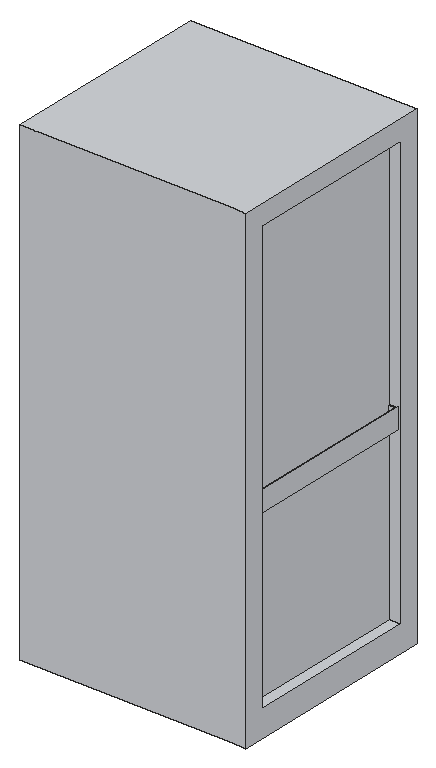
Revit family "f6732bb70f9a4875b4cb21aef3e28988", category Plumbing Fixtures, Revit 2021
Family settings
  Round Connector Dimension = Use Radius
  Part Type = Normal
  OmniClass Number = 23.45.05.14.21.11
  OmniClass Title = Bath/Shower Units
  Seek Item ID = Shower Stall - Rectangular-0000-USA-ENU
  Work Plane-Based = No
  Always vertical = Yes
  Cut with Voids When Loaded = No
  Shared = No
  Room Calculation Point = No
Parameters (values of type "34"x32" - Private")
  WFU = 2
  Shower Width = 2' - 8"
  Shower Stall Material = none
  Shower Length = 2' - 10"
  Shower Height = 6' - 0"
  Sanitary Radius = 3/4"
  Sanitary Diameter = 2 * Sanitary Radius  # 1 1/2"
  Length 1 = 0' 1 1/2" * tan(Angle)  # 0' - 1.41176"
  Hot Water Radius = 1/4"
  Hot Water Diameter = 2 * Hot Water Radius  # 1/2"
  Handle Height = 2' - 9"
  Half Door Width = 1 / 2 * Door Width  # 1' - 1"
  HWFU = 1
  Flow Pressure [instance] = 8.00 psi
  Door Width = 2' - 2"
  Door Material = none
  Door Handle Material = none
  Default Elevation = 0' - 0"
  Cold Water Radius = 1/4"
  Cold Water Diameter = 2 * Cold Water Radius  # 1/2"
  CWFU = 1
  Angle = atan(Shower Width / Shower Length)  # 43.2643°
Types (7): name | Shower Width | Shower Length | Shower Height | Length 1 | Handle Height | Half Door Width | HWFU | Door Width | CWFU | Angle
  (no name) | 2' - 8" | 2' - 10" | 6' - 0" | 0' - 1.41176" | 2' - 9" | 1' - 1" | 1 | 2' - 2" | 1 | 43.2643°
  34"x32" - Private | 2' - 8" | 2' - 10" | 6' - 0" | 0' - 1.41176" | 2' - 9" | 1' - 1" | 1 | 2' - 2" | 1 | 43.2643°
  42"x42" - Private | 3' - 6" | 3' - 6" | 5' - 0" | 0' - 1 1/2" | 2' - 9 11/64" | 1' - 3" | 1 | 2' - 6" | 1 | 45.00°
  36"x36" - Private | 3' - 0" | 3' - 0" | 5' - 0" | 0' - 1 1/2" | 2' - 9" | 0' - 11 1/4" | 1 | 1' - 10 1/2" | 1 | 45.00°
  34"x32" - Public | 2' - 8" | 2' - 10" | 6' - 0" | 0' - 1.41176" | 2' - 9" | 1' - 1" | 3 | 2' - 2" | 3 | 43.2643°
  36"x36" - Public | 3' - 0" | 3' - 0" | 5' - 0" | 0' - 1 1/2" | 2' - 9" | 0' - 11 1/4" | 3 | 1' - 10 1/2" | 3 | 45.00°
  42"x42" - Public | 3' - 6" | 3' - 6" | 5' - 0" | 0' - 1 1/2" | 2' - 9 11/64" | 1' - 3" | 3 | 2' - 6" | 3 | 45.00°
Reference planes (in)
  plane 1 "Center (Front/Back)": y = 0
  plane 2: z = 0
  plane 3 "Center (Left/Right)": x = 0
  plane 4: y = 32
  plane 5: x = 34
  plane 6: z = 72
  plane 7: x = 2
  plane 8: z = 4
  plane 9: y = 2
  plane 10: y = 30
  plane 11: z = 69
  plane 12: y = 16
  plane 13: y = 29
  plane 14: y = 3
  plane 15: x = 32
  plane 16: x = 32.25
  plane 17: z = 33
  plane 18: z = 30
  plane 19: x = 33.5
  plane 20: y = 28.75
  plane 21: x = 33.25
  plane 22: y = 3.25
  plane 23: x = 17
  plane 24: x = 32
  plane 25: x = 15.5
  plane 26: x = 18.5
  plane 27: z = 36
  plane 28: y = 20.5
  plane 29: y = 11.5
  plane 30: y = 17.41176
  plane 31: y = 14.58824
Forms (in)
  Extrusion 1, solid, material <- "Shower Stall Material"
    sketch origin (0, 0, 0) x (1, 0, 0) y (0, 1, 0)
      loop
        line (0, 32) -> (0, 0) -> (34, 0) -> (34, 32) -> (0, 32)
    from 0 to 72
  Extrusion 2, void
    sketch origin (0, 0, 0) x (0, 1, 0) y (0, 0, 1)
      loop
        line (2, 69) -> (2, 4) -> (30, 4) -> (30, 69) -> (2, 69)
    from 2 to 34
  Extrusion 3, solid, material <- "Shower Stall Material"
    sketch origin (0, 0, 0) x (1, 0, 0) y (0, 1, 0)
      loop
        line (32, 32) -> (32, 29) -> (34, 29) -> (34, 32) -> (32, 32)
      loop
        line (32, 3) -> (32, 0) -> (34, 0) -> (34, 3) -> (32, 3)
    from 0 to 72
  Extrusion 4, solid, material <- "Door Material"
    sketch origin (0, 0, 0) x (1, 0, 0) y (0, 1, 0)
      loop
        line (32, 29) -> (32, 3) -> (32.25, 3) -> (32.25, 29) -> (32, 29)
    from 4 to 69
  Extrusion 5, solid, material <- "Door Handle Material"
    sketch origin (0, 0, 0) x (0, 1, 0) y (0, 0, 1)
      loop
        line (3, 33) -> (3, 30) -> (29, 30) -> (29, 33) -> (3, 33)
    from 32.25 to 33.5
  Extrusion 6, void
    sketch origin (0, 0, 0) x (1, 0, 0) y (0, 1, 0)
      loop
        line (32.25, 28.75) -> (32.25, 3.25) -> (33.25, 3.25) -> (33.25, 28.75) -> (32.25, 28.75)
    from 30 to 33
  Extrusion 7, solid, material <- "Shower Stall Material"
    sketch origin (0, 0, 0) x (1, 0, 0) y (0, 1, 0)
      loop
        circle (17, 16) r 1.25
    from 0 to 4
  Extrusion 8, solid, material <- "Shower Stall Material"
    sketch origin (0, 0, 0) x (0, 1, 0) y (0, 0, 1)
      loop
        circle (20.5, 36) r 0.5
      loop
        circle (11.5, 36) r 0.5
    from 0 to 2
Cuts and joins
  Extrusion 2 cuts Extrusion 1
  joined: Extrusion 1, Extrusion 3, Extrusion 8
  Extrusion 6 cuts Extrusion 5
Lines and regions (in)
  symbolic lines, style "PlumbingFixtures"
    curve 1: line (2, 30, 0) -> (32, 30, 0)
    curve 2: line (2, 2, 0) -> (2, 30, 0)
    curve 3: line (32, 2, 0) -> (2, 2, 0)
    curve 4: line (32, 29, 0) -> (34, 29, 0)
    curve 5: line (32, 3, 0) -> (34, 3, 0)
    curve 6: line (32, 30, 0) -> (32, 29, 0)
    curve 7: line (32, 3, 0) -> (32, 2, 0)
    curve 8: circle (17, 16, 0) r 1.25 normal (0, 0, 1)
    curve 9: line (2, 30, 0) -> (15.5, 17.41176, 0)
    curve 10: line (18.5, 17.41176, 0) -> (32, 30, 0)
    curve 11: line (15.5, 14.58824, 0) -> (2, 2, 0)
    curve 12: line (18.5, 14.58824, 0) -> (32, 2, 0)
Dimensions and locks (in)
  "Shower Length": plane 3 "Center (Left/Right)" to plane 5
  "Shower Width": plane 4 to plane 1 "Center (Front/Back)"
  "Shower Height": plane 6 to plane 2
  locked: plane 3 "Center (Left/Right)" to plane 7 at 2
  locked: plane 8 to plane 2 at 4
  locked: plane 11 to plane 6 at 3
  locked: plane 10 to plane 4 at 2
  locked: plane 1 "Center (Front/Back)" to plane 9 at 2
  equal spacing: plane 4, plane 12, plane 1 "Center (Front/Back)"
  "Half Door Width": plane 13 to plane 12
  "Half Door Width": plane 12 to plane 14
  locked: plane 15 to plane 16 at 0.25
  "Handle Height": plane 17 to plane 2
  locked: plane 17 to plane 18 at 3
  locked: plane 19 to plane 5 at 0.5
  locked: plane 13 to plane 20 at 0.25
  locked: plane 14 to plane 22 at 0.25
  locked: plane 21 to plane 19 at 0.25
  equal spacing: plane 3 "Center (Left/Right)", plane 23, plane 5
  locked: plane 24 to plane 5 at 2
  locked: plane 27 to plane 2 at 36
  plane 28 to plane 12 to plane 29 = 0' - 4 1/2" locked, 0' - 4 1/2" locked
  locked: plane 25 to plane 23 at 1.5
  locked: plane 23 to plane 26 at 1.5
  "Length 1": plane 30 to plane 12
  "Length 1": plane 12 to plane 31
  radius of curve 8 = 0' - 1 1/4"
  aligned and locked: plane 3 "Center (Left/Right)" to Extrusion 1 sketch curve
  aligned and locked: Extrusion 1 sketch curve to plane 4
  aligned and locked: plane 1 "Center (Front/Back)" to Extrusion 1 sketch curve
  aligned and locked: Extrusion 1 sketch curve to plane 5
  aligned and locked: Extrusion 1 to plane 2
  aligned and locked: Extrusion 1 to plane 6
  aligned and locked: plane 9 to Extrusion 2 sketch curve
  aligned and locked: plane 11 to Extrusion 2 sketch curve
  aligned and locked: plane 8 to Extrusion 2 sketch curve
  aligned and locked: Extrusion 2 sketch curve to plane 10
  aligned and locked: plane 5 to Extrusion 2
  aligned and locked: Extrusion 2 to plane 7
  aligned and locked: plane 15 to Extrusion 3 sketch curve  (x2)
  aligned and locked: Extrusion 3 sketch curve to plane 4
  aligned and locked: plane 13 to Extrusion 3 sketch curve
  aligned and locked: Extrusion 3 sketch curve to plane 5
  aligned and locked: Extrusion 3 sketch curve to plane 14
  aligned and locked: cut or joined group of Extrusion 1, Extrusion 2, Extrusion 3, Extrusion 8 to Extrusion 3 sketch curve
  aligned and locked: Extrusion 3 sketch curve to cut or joined group of Extrusion 1, Extrusion 2, Extrusion 3, Extrusion 8
  aligned and locked: plane 2 to Extrusion 3
  aligned and locked: Extrusion 3 to plane 6
  aligned and locked: Extrusion 4 sketch curve to cut or joined group of Extrusion 1, Extrusion 2, Extrusion 3, Extrusion 8  (x2)
  aligned and locked: plane 14 to Extrusion 4 sketch curve
  aligned and locked: Extrusion 4 sketch curve to plane 16
  aligned and locked: Extrusion 4 to plane 11
  aligned and locked: Extrusion 4 to plane 8
  aligned and locked: plane 14 to Extrusion 5 sketch curve
  aligned and locked: Extrusion 5 sketch curve to plane 17
  aligned and locked: plane 18 to Extrusion 5 sketch curve
  aligned and locked: Extrusion 5 sketch curve to plane 13
  aligned and locked: Extrusion 5 to plane 16
  aligned and locked: plane 19 to Extrusion 5
  aligned and locked: plane 16 to Extrusion 6 sketch curve
  aligned and locked: Extrusion 6 sketch curve to plane 20
  aligned and locked: plane 22 to Extrusion 6 sketch curve
  aligned and locked: Extrusion 6 sketch curve to plane 21
  aligned and locked: plane 17 to Extrusion 6
  aligned and locked: Extrusion 6 to plane 18
  aligned and locked: plane 12 to Extrusion 7 sketch curve
  aligned and locked: plane 23 to Extrusion 7 sketch curve
  aligned and locked: Extrusion 7 to plane 2
  aligned and locked: plane 8 to Extrusion 7
  aligned and locked: curve 1 to cut or joined group of Extrusion 1, Extrusion 2, Extrusion 3, Extrusion 8
  aligned and locked: plane 27 to Extrusion 8 sketch curve  (x2)
  aligned and locked: plane 28 to Extrusion 8 sketch curve
  aligned and locked: plane 29 to Extrusion 8 sketch curve
  aligned and locked: Extrusion 8 to plane 3 "Center (Left/Right)"
  aligned and locked: plane 7 to Extrusion 8
  aligned and locked: plane 5 to curve 4
  aligned and locked: plane 5 to curve 5
  aligned and locked: plane 13 to curve 6
  aligned and locked: plane 14 to curve 7
  aligned and locked: curve 7 to plane 24
  aligned and locked: plane 15 to plane 24
  aligned and locked: plane 12 to curve 8
  aligned and locked: plane 23 to curve 8
  aligned and locked: plane 7 to curve 9
  aligned and locked: plane 30 to curve 9
  aligned and locked: plane 25 to curve 9
  aligned and locked: plane 10 to curve 10
  aligned and locked: plane 24 to curve 10
  aligned and locked: plane 30 to curve 10
  aligned and locked: plane 26 to curve 10
  aligned and locked: plane 9 to curve 11
  aligned and locked: plane 7 to curve 11
  aligned and locked: plane 31 to curve 11
  aligned and locked: plane 25 to curve 11
  aligned and locked: plane 9 to curve 12
  aligned and locked: plane 24 to curve 12
  aligned and locked: plane 31 to curve 12
  aligned and locked: plane 26 to curve 12
Automatic sketch dimensions
  radius of Extrusion 7 sketch curve = 0' - 1 1/4"
  radius of Extrusion 8 sketch curve = 0' - 0 1/2"  (x2)
Connectors (in)
  piping at (17, 16, 0), diameter 1.5, driven by "WFU", driven by "Sanitary Radius"
    settings: on Extrusion 7, index 1, connector inside diameter 1 1/2", connector length 0' - 0", flow factor 0, pipe flow 0 GPM, pressure drop 0.00 psi, fitting loss kfactor 0, connector angle 0.00°, fixture units 2, engagement length 0' - 0", angle of deflection 0.00°, flow configuration 3, flow direction 2, fitting loss method 0, system type 16, joint type 0, gender type 0, connector reference index -1, connector utility 0, adjustable connector no, is connector primary no, connector description "Out"
  piping at (0, 20.5, 36), diameter 0.5, driven by "CWFU", driven by "Flow Pressure", driven by "Cold Water Radius"
    settings: on Extrusion 8, index 2, connector inside diameter 1/2", connector length 0' - 0", flow factor 0, pipe flow 0 GPM, pressure drop 8.00 psi, fitting loss kfactor 0, connector angle 0.00°, fixture units 1, engagement length 0' - 0", angle of deflection 0.00°, flow configuration 3, flow direction 1, fitting loss method 4, system type 20, joint type 0, gender type 0, connector reference index -1, connector utility 0, adjustable connector no, is connector primary yes, connector description "In"
  piping at (0, 11.5, 36), diameter 0.5, driven by "HWFU", driven by "Hot Water Radius", driven by "Flow Pressure"
    settings: on Extrusion 8, index 3, connector inside diameter 1/2", connector length 0' - 0", flow factor 0, pipe flow 0 GPM, pressure drop 8.00 psi, fitting loss kfactor 0, connector angle 0.00°, fixture units 1, engagement length 0' - 0", angle of deflection 0.00°, flow configuration 3, flow direction 1, fitting loss method 4, system type 19, joint type 0, gender type 0, connector reference index -1, connector utility 0, adjustable connector no, is connector primary no, connector description "In"
